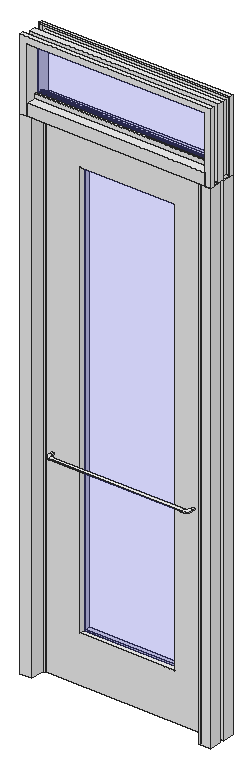
Revit family "kawneer-500_tuffline-sgl_tran-fr_20605", category Doors, host Wall, Revit 2015
Parameters
  Water - Static (ASTM E 331) = "product not tested"
  URL = "http://www.kawneer.com/kawneer/north_america/en/product.asp?prod_id=1818"
  Type of Glazing = "monolithic, insulating"
  Type Comments = "Wide Stile Heavy Duty Swing Door"
  Thermal Transmittance = "n/a"
  Sub Category3 = ""
  Sub Category2 = ""
  Sub Category1 = ""
  Sightline = 0"
  Short Description = "Wide Stile Heavy Duty Swing Door"
  Product data url = "https://bimobject.com/kawneerna/product/20595"
  Panel Inserts Material = none
  Overall U-Factor = "product not tested"
  Model = "500 Tuffline® Entrance"
  Manufacturer Part Number = "500 Tuffline® Entrance"
  Manufacturer = "Kawneer"
  Keywords = "Entrance, Door, Swing Door, Heavy Wall, Heavy Duty"
  Hurricane Resistant Tested [instance] = "product not tested"
  Hinging Types = "Offset Pivot, Butt Hinge, Continuous Gear Hinge"
  Height = Door Panel Height + 12"  # 96"
  Wall Closure = By host
  Width = 32"
  Glazing Thickness = 0"
  Glass U-Factor = "product not tested"
  Glass Installtion = "outside, inside"
  Glass Capture = "Captured"
  Function (Interior or Exterior) = "Exterior"
  Function = Interior
  Frame Material = Aluminum - ASTM B 221 - 6063-T6 alloy and temper
  Door Panel Width = Width - (2" * 2)  # 28"
  Door Panel Material = Aluminum - ASTM B 221 - 6063-T6 alloy and temper
  Door Panel Height = 84"
  Door Opening = Door Panel Width  # 28"
  Door Corner Construction = "Welded"
  Design Pressure = "n/a"
  Design Load = "n/a"
  Description = "The \"500 Tuffline\" wide stile heavy duty door offers durability in high abuse applications and is designed for  schools, universities, sports stadiums, and other high abuse areas."
  Depth = 2"
  Color = "any"
  Cladding Type = "n/a"
  CSI Masterformat Code = "08 41 13"
  Assembly Code = "B2030110"
  Application = "high traffic, high abuse"
  Air Infiltration (ASTM E 283) = "< 0.50 cfm/ft2  @ 6.24 psf (300 Pa), Single Doors"
  2-Color Option = "no"
Reference planes
  plane 1 "Centre Wall": y = 0
  plane 2 "Center (Left/Right)": x = 0
  plane 3 "Left": x = -406.4
  plane 4 "Right": x = 406.4
  plane 5: z = 2438.4
  plane 6 "Exterior": y = 75
  plane 7 "Interior": y = -75
  plane 8: z = 2133.6
  plane 9: x = -377.825
  plane 10: x = 377.825
Forms (mm)
  Sweep 1, solid, material "Aluminum - ASTM B 221 - 6063-T6 alloy and temper" <- "Door Panel Material"
    path origin (0, 0, 50.8) x (1, 0, 0) y (0, 0, 1)
      loop
        line (377.825, 2133.6) -> (-377.825, 2133.6)
    profile "TLMidFrame : TLMidFrame" origin (0, 0, 2184.4) x (0, 0, -1) y (0, -1, 0)
      loop
        line (5, 52.15) -> (5, -52.15) -> (45.8, -52.15) -> (45.8, 52.15) -> (5, 52.15)
      loop
        arc (-13.041, -8.796) -> (-14.742, -11.787) -> (-17.973, -12.971) r 5
        line (-17.973, -12.971) -> (-17.973, -14.55) -> (0, -14.55) -> (0, -5.272)
        arc (0, -5.272) -> (-6.307, -7.826) -> (-13.041, -8.796) r 28.226
      loop
        arc (-17.973, 10.971) -> (-14.973, 7.971) -> (-17.973, 4.971) r 3
        line (-17.973, 4.971) -> (-17.973, 3)
        arc (-17.973, 3) -> (-14.756, 4.043) -> (-12.781, 6.788) r 5.429
        arc (-12.781, 6.788) -> (-6.143, 5.7) -> (0, 2.959) r 26.226
        line (0, 2.959) -> (0, -2.959)
        arc (0, -2.959) -> (-6.143, -5.7) -> (-12.781, -6.788) r 26.226
        arc (-12.781, -6.788) -> (-14.756, -4.043) -> (-17.973, -3) r 5.429
        line (-17.973, -3) -> (-17.973, -4.971)
        arc (-17.973, -4.971) -> (-14.973, -7.971) -> (-17.973, -10.971) r 3
        line (-17.973, -10.971) -> (-19.973, -10.971) -> (-19.973, -17.05) -> (0, -17.05) -> (0, -57.15) -> (50.8, -57.15) -> (50.8, -6.35) -> (60.8, -6.35) -> (60.8, -1.35) -> (50.8, -1.35) -> (50.8, 57.15) -> (0, 57.15) -> (0, 17.05) -> (-19.973, 17.05) -> (-19.973, 10.971) -> (-17.973, 10.971)
      loop
        arc (-17.973, 12.971) -> (-14.742, 11.787) -> (-13.041, 8.796) r 5
        arc (-13.041, 8.796) -> (-6.307, 7.826) -> (0, 5.272) r 28.226
        line (0, 5.272) -> (0, 14.55) -> (-17.973, 14.55) -> (-17.973, 12.971)
  Sweep 2, solid, material "Aluminum - ASTM B 221 - 6063-T6 alloy and temper" <- "Door Panel Material"
    path origin (0, 0, 0) x (1, 0, 0) y (0, 0, 1)
      loop
        line (-406.4, 2133.6) -> (-406.4, 2438.4) -> (406.4, 2438.4) -> (406.4, 2133.6)
    profile "TLTPFrame : TLTPFrame" origin (406.4, 0, 2286) x (1, 0, 0) y (0, -1, 0)
      loop
        line (-23.575, 11) -> (-23.575, 52.125) -> (-5, 52.125) -> (-5, 42.125) -> (0, 42.125) -> (0, 57.125) -> (-28.575, 57.125) -> (-28.575, 6) -> (-11.325, 6) -> (-11.325, -6) -> (-28.575, -6) -> (-28.575, -57.175) -> (0, -57.175) -> (0, -42.175) -> (-5, -42.175) -> (-5, -52.175) -> (-23.575, -52.175) -> (-23.575, -11) -> (-6.325, -11) -> (-6.325, 11) -> (-23.575, 11)
  Extrusion 3, solid, material <- "Panel Inserts Material"
    sketch origin (0, 0, 0) x (1, 0, 0) y (0, 1, 0)
      loop
        line (-395.075, 6) -> (-395.075, -6) -> (395.075, -6) -> (395.075, 6) -> (-395.075, 6)
    from 2184.4 to 2427.075
  Sweep 4, solid, material "Aluminum - ASTM B 221 - 6063-T6 alloy and temper" <- "Frame Material"
    path origin (0, 0, 0) x (1, 0, 0) y (0, 0, 1)
      loop
        line (406.4, 2133.6) -> (406.4, 0)
    profile "TLFrame : TLFrame" origin (406.4, 0, 1066.8) x (1, 0, 0) y (0, -1, 0)
      loop
        line (-60.8, -6.375) -> (-50.8, -6.375) -> (-50.8, -57.175) -> (0, -57.175) -> (0, -12.125) -> (-17.25, -12.125) -> (-17.25, 12.125) -> (0, 12.125) -> (0, 57.125) -> (-50.8, 57.125) -> (-50.8, -1.375) -> (-60.8, -1.375) -> (-60.8, -6.375)
      loop
        line (-5, -17.125) -> (-22.25, -17.125) -> (-22.25, 17.125) -> (-5, 17.125) -> (-5, 52.125) -> (-45.8, 52.125) -> (-45.8, -52.175) -> (-5, -52.175) -> (-5, -17.125)
  Sweep 5, solid, material "Aluminum - ASTM B 221 - 6063-T6 alloy and temper" <- "Frame Material"
    path origin (0, 0, 0) x (-1, 0, 0) y (0, 0, 1)
      loop
        line (406.4, 2133.6) -> (406.4, 0)
    profile "TLFrame : TLFrame" origin (-406.4, 0, 1066.8) x (1, 0, 0) y (0, -1, 0)
      loop
        line (60.8, -6.375) -> (60.8, -1.375) -> (50.8, -1.375) -> (50.8, 57.125) -> (0, 57.125) -> (0, 12.125) -> (17.25, 12.125) -> (17.25, -12.125) -> (0, -12.125) -> (0, -57.175) -> (50.8, -57.175) -> (50.8, -6.375) -> (60.8, -6.375)
      loop
        line (5, -17.125) -> (5, -52.175) -> (45.8, -52.175) -> (45.8, 52.125) -> (5, 52.125) -> (5, 17.125) -> (22.25, 17.125) -> (22.25, -17.125) -> (5, -17.125)
Lines and regions (mm)
  Opening 1
    outline origin (-3050, -75, 0) x (1, 0, 0) y (0, 0, 1)
      loop
        line (2643.6, 0) -> (3456.4, 0) -> (3456.4, 2438.4) -> (2643.6, 2438.4) -> (2643.6, 0)
  symbolic lines
    curve 1: line (-355.6, 768.375, 0) -> (-304.8, 768.375, 0)
    curve 2: line (-355.6, 57.175, 0) -> (-355.6, 768.375, 0)
    curve 3: line (-304.8, 57.175, 0) -> (-355.6, 57.175, 0)
    curve 4: line (-304.8, 768.375, 0) -> (-304.8, 57.175, 0)
    curve 5: arc (-304.8, 768.375, 0) -> (166.227, 543.058, 0) -> (357.412, 57.175, 0) r 713.012
Text (mm)
  text "Exterior" at (-2295.016, 1099.543, 0), in view "Ref. Level"
  text "Exterior" at (0, 1615.38, 3698.081), in view "Left"
  text "Exterior" at (0, 1036.032, 3874.932), in view "Right"
Dimensions and locks
  equal spacing: plane 3 "Left", plane 2 "Center (Left/Right)", plane 4 "Right"
  "Width": plane 3 "Left" to plane 4 "Right"
  "Height": plane 5 to host wall
  host wall to plane 5 = 96"
  "Door Panel Height": host wall to plane 8
  locked: plane 6 "Exterior" to host wall at 0
  locked: plane 7 "Interior" to host wall
  locked: plane 3 "Left" to plane 9 at 28.575
  locked: plane 10 to plane 4 "Right" at 28.575
  "Depth": curve 2 to curve 4
  "Door Panel Width": Sweep 5 to curve 1
  aligned and locked: plane 3 "Left" to Opening 1 sketch curve
  aligned and locked: plane 5 to Opening 1 sketch curve  (x2)
  aligned and locked: Opening 1 sketch curve to plane 4 "Right"
  aligned and locked: Opening 1 sketch curve to level
  aligned and locked: plane 1 "Centre Wall" to host wall
  aligned and locked: plane 10 to Sweep 1 sketch curve
  aligned and locked: plane 9 to Sweep 1 sketch curve
  aligned and locked: Sweep 1 to plane 8
  aligned and locked: nested 1 to plane 2 "Center (Left/Right)"
  aligned and locked: plane 4 "Right" to Sweep 2 sketch curve
  aligned and locked: plane 3 "Left" to Sweep 2 sketch curve
  aligned and locked: plane 5 to Sweep 2 sketch curve
  aligned and locked: plane 9 to Sweep 2
  aligned and locked: plane 10 to Sweep 2
  aligned and locked: Extrusion 3 sketch curve to Sweep 2  (x4)
  aligned and locked: Extrusion 3 to Sweep 2
  aligned and locked: Extrusion 3 to Sweep 1
  aligned and locked: plane 8 to Sweep 2 sketch curve  (x2)
  aligned and locked: plane 8 to Sweep 4 sketch curve
  aligned and locked: level to Sweep 4 sketch curve
  aligned and locked: Sweep 4 sketch curve to plane 4 "Right"
  aligned and locked: plane 8 to Sweep 5 sketch curve
  aligned and locked: level to Sweep 5 sketch curve
  aligned and locked: Sweep 5 sketch curve to plane 3 "Left"
  aligned and locked: curve 3 to Sweep 5
  aligned and locked: Sweep 5 to curve 2
  aligned and locked: curve 5 to nested 1
Automatic sketch dimensions
  plane 8 to Sweep 1 sketch curve = 2"
  curve 5 to curve 2 = 0"
Nested families
  nested 1: "Kawneer-500_Tuffline-Sgl.rf" at (-310.356, -18.225, 0) x (-1, 0, 0) z (0, 0, 1), type "Kawneer-500_Tuffline-Sgl.rf"
    with Width 28", Door Handle Width 23 1/2"
Definition of nested family "Kawneer-500_Tuffline-Sgl.rf"
  Parameters
    Width = 32"
    Water - static (ASTM E 331) = ""
    Type of Glazing = ""
    Thermal transmittance = ""
    Sub Category3 = ""
    Sub Category2 = ""
    Sub Category1 = ""
    Short Description = ""
    Performance standards = ""
    Panel Inserts Material = none
    Overall U-Factor = ""
    Mfr Part Num = ""
    Manufacturer = "Kawneer"
    Keywords = ""
    Hurricane Resistant Tested = ""
    Hinging Types = ""
    Height = 84"
    Glass capture = ""
    Glass U-Factor = ""
    Glass Installtion = ""
    Function (Interior or Exterior) = ""
    Door Panel Material = none
    Door Hangle Material = none
    Door Hangle Height = 33 25/256"
    Door Handle Width = Width - (2 1/4" * 2)  # 27 1/2"
    Door Corner Construction = ""
    Design load = ""
    Design Pressure = ""
    Depth = 2"
    Color = ""
    Cladding Type = ""
    CSI Mastformat Code = ""
    Assembly Code = "B2030110"
    Application = ""
    Air Infiltration (ASTM E 283) = ""
    2-Color Option = ""
  Reference planes
    plane 1 "Center (Front/Back)": y = -50
    plane 2: z = 0
    plane 3 "Center (Left/Right)": x = -310.356
    plane 4: x = -716.756
    plane 5: x = 96.044
    plane 6: y = -24.6
    plane 7: y = -75.4
    plane 8: z = 2133.6
    plane 9: z = 840.68
    plane 10: x = -564.356
    plane 11: x = -56.356
    plane 12: x = -640.556
  Forms (mm)
    Sweep 1, solid, material <- "Door Panel Material"
      path origin (0, -50, 0) x (1, 0, 0) y (0, 0, 1)
        loop
          line (-716.756, 2133.6) -> (-716.756, 0)
      profile "TL500 Side : TL500 Side" origin (-716.756, -50, 1066.8) x (1, 0, 0) y (0, -1, 0)
        loop
          line (122, -20.4) -> (122, 20.439) -> (4.961, 20.439) -> (4.961, -20.4) -> (122, -20.4)
        loop
          line (152.4, 25.4) -> (0, 25.4) -> (0, -25.4) -> (152.4, -25.4) -> (152.4, -5.418) -> (147.439, -5.418) -> (147.439, -20.4) -> (127, -20.4) -> (127, 20.4) -> (147.439, 20.4) -> (147.439, 5.418) -> (152.4, 5.418) -> (152.4, 25.4)
    Sweep 2, solid, material <- "Door Panel Material"
      path origin (0, -50, 0) x (1, 0, 0) y (0, 0, 1)
        loop
          line (96.044, 2133.6) -> (96.044, 0)
      profile "TL500 Side : TL500 Side" origin (96.044, -50, 1066.8) x (1, 0, 0) y (0, -1, 0)
        loop
          line (-122, 20.4) -> (-122, -20.439) -> (-4.961, -20.439) -> (-4.961, 20.4) -> (-122, 20.4)
        loop
          line (-152.4, -25.4) -> (0, -25.4) -> (0, 25.4) -> (-152.4, 25.4) -> (-152.4, 5.418) -> (-147.439, 5.418) -> (-147.439, 20.4) -> (-127, 20.4) -> (-127, -20.4) -> (-147.439, -20.4) -> (-147.439, -5.418) -> (-152.4, -5.418) -> (-152.4, -25.4)
    Sweep 3, solid, material <- "Door Panel Material"
      path origin (0, -50, 0) x (1, 0, 0) y (0, 0, 1)
        loop
          line (-564.356, 2133.6) -> (-56.356, 2133.6)
      profile "TL500 Top : TL500 Top" origin (-310.356, -50, 2133.6) x (0, 0, 1) y (0, -1, 0)
        loop
          line (-122, 20.4) -> (-122, -20.439) -> (-15, -20.439) -> (-15, 20.4) -> (-122, 20.4)
        loop
          line (-127, -20.4) -> (-154.939, -20.4) -> (-154.939, -5.418) -> (-159.9, -5.418) -> (-159.9, -25.4) -> (0, -25.4) -> (0, -20.4) -> (-10, -20.4) -> (-10, 20.4) -> (0, 20.4) -> (0, 25.4) -> (-159.9, 25.4) -> (-159.9, 5.418) -> (-154.939, 5.418) -> (-154.939, 20.4) -> (-127, 20.4) -> (-127, -20.4)
    Sweep 4, solid, material <- "Door Panel Material"
      path origin (0, -50, 0) x (1, 0, 0) y (0, 0, 1)
        loop
          line (-564.356, 0) -> (-56.356, 0)
      profile "TL500 Bottom : TL500 Bottom" origin (-310.356, -50, 0) x (0, 0, 1) y (0, -1, 0)
        loop
          line (158.95, -20.4) -> (158.95, 20.439) -> (15, 20.439) -> (15, -20.4) -> (158.95, -20.4)
        loop
          line (163.95, 20.4) -> (191.889, 20.4) -> (191.889, 5.418) -> (196.85, 5.418) -> (196.85, 25.4) -> (0, 25.4) -> (0, 20.4) -> (10, 20.4) -> (10, -20.4) -> (0, -20.4) -> (0, -25.4) -> (196.85, -25.4) -> (196.85, -5.418) -> (191.889, -5.418) -> (191.889, -20.4) -> (163.95, -20.4) -> (163.95, 20.4)
    Extrusion 5, solid, material <- "Panel Inserts Material"
      sketch origin (0, 0, 0) x (1, 0, 0) y (0, 1, 0)
        loop
          line (-569.317, -44.582) -> (-569.317, -55.418) -> (-51.395, -55.418) -> (-51.395, -44.582) -> (-569.317, -44.582)
      from 191.889 to 1978.661
  Cuts and joins
    joined: Sweep 1, Sweep 2, Sweep 3, Sweep 4
  Dimensions and locks
    equal spacing: plane 4, plane 3 "Center (Left/Right)", plane 5
    equal spacing: plane 6, plane 1 "Center (Front/Back)", plane 7
    "Depth": plane 6 to plane 7
    "Width": plane 4 to plane 5
    "Height": plane 8 to level
    "Door Hangle Height": plane 9 to level
    locked: plane 4 to plane 10 at 152.4
    locked: plane 11 to plane 5 at 152.4
    locked: plane 4 to plane 12 at 76.2
    aligned and locked: plane 8 to Sweep 1 sketch curve
    aligned and locked: level to Sweep 1 sketch curve
    aligned and locked: plane 8 to Sweep 2 sketch curve
    aligned and locked: level to Sweep 2 sketch curve
    aligned and locked: plane 10 to Sweep 3 sketch curve
    aligned and locked: plane 11 to Sweep 3 sketch curve
    aligned and locked: plane 10 to Sweep 4 sketch curve
    aligned and locked: plane 11 to Sweep 4 sketch curve
    aligned and locked: plane 7 to nested 1
    aligned and locked: plane 12 to nested 1
    aligned and locked: plane 9 to nested 1
    aligned and locked: nested 2 to plane 6
    aligned and locked: nested 2 to plane 12
    aligned and locked: nested 2 to plane 9
    aligned and locked: Extrusion 5 sketch curve to cut or joined group of Sweep 1, Sweep 2, Sweep 3, Sweep 4  (x2)
    aligned and locked: cut or joined group of Sweep 1, Sweep 2, Sweep 3, Sweep 4 to Extrusion 5 sketch curve  (x2)
    aligned and locked: cut or joined group of Sweep 1, Sweep 2, Sweep 3, Sweep 4 to Extrusion 5  (x2)
  Automatic sketch dimensions
    Sweep 1 sketch curve to plane 4 = 0"
    Sweep 2 sketch curve to plane 5 = 0"
    Sweep 3 sketch curve to plane 8 = 0"
    Sweep 4 sketch curve to level = 0"
  Nested families
    nested 1: "Style CO 9 Pull" at (-678.591, -75.4, 612.08), type "Style CO 9 Pull"
    nested 2: "Style CP II Push Bar" at (-241.306, -24.6, 840.68), type "Style CP II Push Bar"
      with Width 27 1/2"
  Definition of nested family "Style CO 9 Pull"
    Parameters
      Width = 1.1811"
      Height = 9"
      Hangle Material = none
      Depth = 1.1811"
    Reference planes
      plane 1 "Center (Front/Back)": y = 0
      plane 2: z = 0
      plane 3 "Center (Left/Right)": x = 53.034
      plane 4: y = -30
      plane 5: x = 38.034
      plane 6: x = 68.034
      plane 7: x = 46.034
      plane 8 "Top": z = 228.6
      plane 9: x = 60.034
      plane 10: z = 220.6
      plane 11: z = 8
    Forms (mm)
      Sweep 1, solid, material <- "Hangle Material"
        path origin (0, 0, 0) x (1, 0, 0) y (0, 1, 0)
          loop
            line (38.034, 0) -> (38.034, -23)
            arc (38.034, -23) -> (40.085, -27.95) -> (45.034, -30) r 7
            line (45.034, -30) -> (60.034, -30)
        profile origin (38.034, -11.5, 0) x (1, 0, 0) y (0, 0, 1)
          loop
            circle (0, 0) r 5
      Sweep 2, solid, material <- "Hangle Material"
        path origin (0, 0, 228.6) x (-1, 0, 0) y (0, -1, 0)
          loop
            line (-38.034, 0) -> (-38.034, 23)
            arc (-38.034, 23) -> (-40.085, 27.95) -> (-45.034, 30) r 7
            line (-45.034, 30) -> (-60.034, 30)
        profile origin (38.034, -11.5, 228.6) x (1, 0, 0) y (0, 0, 1)
          loop
            circle (0, 0) r 5
      Sweep 3, solid, material <- "Hangle Material"
        path origin (-1540.712, -30, 1200) x (-1, 0, 0) y (0, 0, 1)
          loop
            arc (-1600.747, -1200) -> (-1606.404, -1197.657) -> (-1608.747, -1192) r 8
            line (-1608.747, -1192) -> (-1608.747, -979.4)
            arc (-1608.747, -979.4) -> (-1606.404, -973.743) -> (-1600.747, -971.4) r 8
        profile origin (68.034, -30, 114.3) x (1, 0, 0) y (0, 1, 0)
          loop
            circle (0, 0) r 5
    Cuts and joins
      joined: Sweep 1, Sweep 2, Sweep 3
    Dimensions and locks
      "Depth": plane 4 to plane 1 "Center (Front/Back)"
      equal spacing: plane 5, plane 3 "Center (Left/Right)", plane 6
      locked: plane 5 to plane 7 at 8
      "Width": plane 5 to plane 6
      "Height": plane 8 "Top" to level
      locked: plane 9 to plane 6 at 8
      locked: level to plane 11 at 8
      locked: plane 10 to plane 8 "Top" at 8
      aligned and locked: Sweep 1 sketch curve to plane 5
      aligned and locked: Sweep 1 sketch curve to plane 4
      aligned and locked: plane 1 "Center (Front/Back)" to Sweep 1 sketch curve
      aligned and locked: plane 9 to Sweep 1 sketch curve
      aligned and locked: Sweep 2 sketch curve to plane 5
      aligned and locked: Sweep 2 sketch curve to plane 4
      aligned and locked: plane 1 "Center (Front/Back)" to Sweep 2 sketch curve
      aligned and locked: plane 9 to Sweep 2 sketch curve
      aligned and locked: plane 6 to Sweep 3 sketch curve  (x2)
      aligned and locked: plane 10 to Sweep 3 sketch curve
      aligned and locked: plane 11 to Sweep 3 sketch curve
      aligned and locked: plane 9 to Sweep 3 sketch curve  (x2)
      aligned and locked: plane 8 "Top" to Sweep 3 sketch curve
      aligned and locked: level to Sweep 3 sketch curve
      aligned and locked: plane 4 to Sweep 3 sketch curve
    Automatic sketch dimensions
      Sweep 1 sketch curve to plane 7 = 0.03937"
      Sweep 1 sketch curve to level = 0"
      Sweep 1 sketch curve to profile plane = 0"
      Sweep 2 sketch curve to plane 7 = 0.03937"
      Sweep 2 sketch curve to plane 8 "Top" = 0"
      Sweep 2 sketch curve to profile plane = 0"
      radius of Sweep 1 sketch curve = 0.19685"
      radius of Sweep 2 sketch curve = 0.19685"
      radius of Sweep 3 sketch curve = 0.19685"
  Definition of nested family "Style CP II Push Bar"
    Parameters
      Width = 28"
      Hangle Material = none
      Depth = 1.1811"
    Reference planes
      plane 1 "Center (Front/Back)": y = 0
      plane 2: z = 0
      plane 3 "Center (Left/Right)": x = -50
      plane 4: x = -405.6
      plane 5: x = 305.6
      plane 6: y = -30
      plane 7: z = 0
    Forms (mm)
      Sweep 1, solid, material <- "Hangle Material"
        path origin (0, 0, 0) x (1, 0, 0) y (0, 1, 0)
          loop
            line (-405.6, 0) -> (-405.6, -15)
            arc (-405.6, -15) -> (-401.207, -25.607) -> (-390.6, -30) r 15
            line (-390.6, -30) -> (290.6, -30)
            arc (290.6, -30) -> (301.207, -25.607) -> (305.6, -15) r 15
            line (305.6, -15) -> (305.6, 0)
        profile origin (-50, -30, 0) x (0, 1, 0) y (0, 0, 1)
          loop
            circle (0, 0) r 5
    Dimensions and locks
      "Depth": plane 6 to plane 1 "Center (Front/Back)"
      equal spacing: plane 4, plane 3 "Center (Left/Right)", plane 5
      "Width": plane 4 to plane 5
      aligned and locked: Sweep 1 sketch curve to plane 5
      aligned and locked: plane 1 "Center (Front/Back)" to Sweep 1 sketch curve  (x2)
      aligned and locked: Sweep 1 sketch curve to plane 4
      aligned and locked: level to plane 7
    Automatic sketch dimensions
      Sweep 1 sketch curve to level = 0"
      Sweep 1 sketch curve to profile plane = 0"
      Sweep 1 sketch curve to plane 6 = 0"
      plane 4 to Sweep 1 sketch curve = 0.59055"
      plane 1 "Center (Front/Back)" to Sweep 1 sketch curve = 0.59055"
      radius of Sweep 1 sketch curve = 0.19685"
